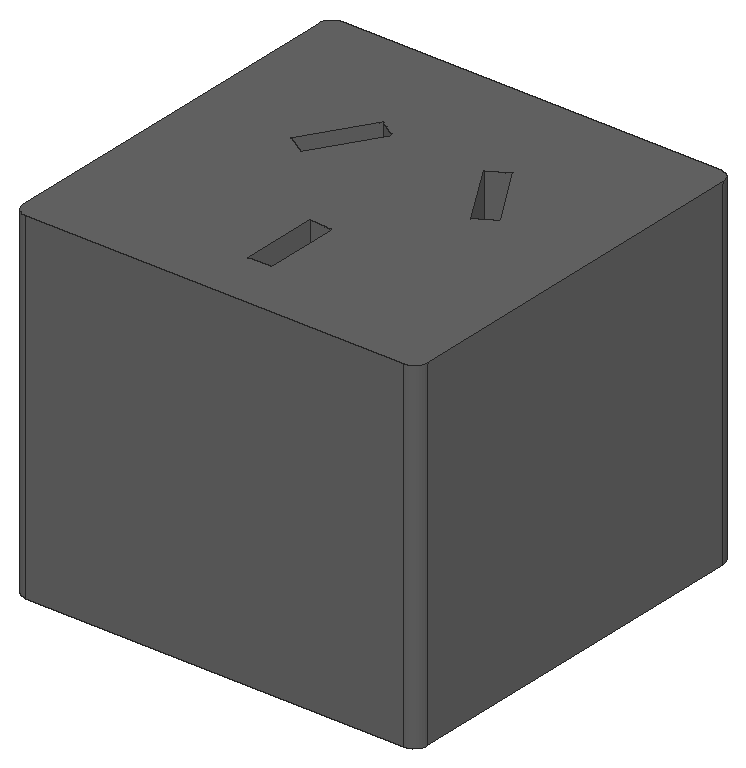
Revit family "Domotics-DomesticRanges-GEWISS-SYSTEM_POWER-SOCKET-OUTLET_AUS", category Apparecchi elettrici, host Superficie, Revit 2016
Family settings
  Host = Superficie
  Mantenere orientamento annotazione = Sì
  Tipo di parte = Normale
  Quota connettore circolare = Usa diametro
  Taglio con vuoti quando caricato = Sì
  Condiviso = Sì
  Punto di calcolo locali = Sì
Parameters (values of type "GW21357 - 10A 2P+E austr.socket-outlet black")
  Voltage: = "250 V ac"
  Voltage = "250 V ac"
  Volt = 230 V
  Vista in pianta [instance] = yes
  Version file RFA = "19.4"
  URL = "https://www.gewiss.com/ww/en"
  Technical sheet = "https://www.gewiss.com/ww/en/search?q=GW21357"
  TXT ELETTRICO = "10"
  TIPO_ = System Prese Australia_GENERICO : GW21357 Presa 2P+T 10A standard Australiano nero
  Standard: = "Australian"
  Standard = "Australian"
  Simbolo [instance] = yes
  SEO = "Socket outlet"
  Realized by GEWISS S.p.A. = ""
  Default Elevation = 1219.2 mm
  Produttore = "GEWISS S.p.A."
  Offset presa [instance] = 0 mm
  Offset bidimensionale [instance] = 39 mm
  No. SYSTEM modules = "2"
  N. poli = 1
  Modello = "GW21357"
  Immagine tipo = GW21357.jpg
  IFC.TypeObject = ""
  IFC.ExportType = ""
  IFC.ExportAs = ""
  IDT = "e052d7e5-2dfb-43db-bd48-dbccbcd1e75c"
  IDF = "1145ae5c-4ab5-4dba-b292-451ff308354a"
  For plug pins = "Flat"
  Electrocod = "0131"
  EAN code = "8011564222229"
  Distanza_x [instance] = 0 mm
  Distanza_effettiva_y [instance] = 100 mm
  Distanza_effettiva_x [instance] = 1000 mm - Distanza_x  # 1000 mm
  Distanza orizzontale del simbolo [instance] = 62.488 mm
  Distanza dal muro [instance] = 4.208 mm
  Descrizione = "10A 2P+E AUSTR.SOCKET-OUTLET SY/BK"
  Description: = "2P+E - 10A"
  Description. = "Australia"
  Colour = "Black"
  Catalogue Range = "SYSTEM - DOMESTIC RANGE"
  Catalogue = "DOMOTICS"
  Carico apparente = 0 VA
  COBie.Tagnumber = ""
  COBie.CreatedOn = ""
  COBie.CreatebBy = ""
  COBie.ComponentRegisterItemID = ""
  COBie.Component.TagNumber = ""
  COBie.Component.Space = ""
  COBie.Component.SerialNumber = ""
  COBie.Component.InstallationDate = ""
  COBie.Component.Description = ""
  COBie.Component.BarCode = ""
Types (4, lengths in mm): name | Technical sheet | TXT ELETTRICO | TIPO_ | Modello | Immagine tipo | IDT | EAN code | Descrizione | Description: | Colour
  GW20356 - 15A 2P+E austr.socket-outlet white | "https://www.gewiss.com/ww/en/search?q=GW20356" | "15" | System Prese Australia_GENERICO : GW20356 Presa 2P+T 15A standard Australiano bianco | "GW20356" | GW20356.jpg | "9939fc47-7083-4e4b-b21b-7468986c5058" | "8011564222250" | "15A 2P+E AUSTR.SOCKET-OUTLET SY/WT" | "2P+E - 15A" | "White"
  GW20357 - 10A 2P+E austr.socket-outlet white | "https://www.gewiss.com/ww/en/search?q=GW20357" | "10" | System Prese Australia_GENERICO : GW20357 Presa 2P+T 10A standard Australiano bianco | "GW20357" | GW20357.jpg | "e4d305f1-d357-4bfd-9065-a3a60ea9875f" | "8011564222236" | "10A 2P+E AUSTR.SOCKET-OUTLET SY/WT" | "2P+E - 10A" | "White"
  GW21356 - 15A 2P+E austr.socket-outlet black | "https://www.gewiss.com/ww/en/search?q=GW21356" | "15" | System Prese Australia_GENERICO : GW21356 Presa 2P+T 15A standard Australiano nero | "GW21356" | GW21356.jpg | "7115098a-7b94-4a09-af7d-bb29d66b03b9" | "8011564222267" | "15A 2P+E AUSTR.SOCKET-OUTLET SY/BK" | "2P+E - 15A" | "Black"
  GW21357 - 10A 2P+E austr.socket-outlet black | "https://www.gewiss.com/ww/en/search?q=GW21357" | "10" | System Prese Australia_GENERICO : GW21357 Presa 2P+T 10A standard Australiano nero | "GW21357" | GW21357.jpg | "e052d7e5-2dfb-43db-bd48-dbccbcd1e75c" | "8011564222229" | "10A 2P+E AUSTR.SOCKET-OUTLET SY/BK" | "2P+E - 10A" | "Black"
Reference planes
  plane 1 "Centro (Fronte/Retro)": y = 0
  plane 2: z = 0
  plane 3 "Centro (Sinistra/Destra)": x = 0
  plane 4: x = -1000
  plane 5: x = 0
  plane 6: y = 100
  plane 7: z = 0
  plane 8: z = 39
Lines and regions (mm)
  Masking region 1, visible <- "Vista in pianta"
    outline origin (0, 0, 0) x (0, 1, 0) y (0, 0, 1)
      loop
        line (-22.5, 39) -> (-22.5, 0) -> (22.5, 0) -> (22.5, 39) -> (-22.5, 39)
  Masking region 2, visible <- "Vista in pianta"
    outline origin (0, 0, 0) x (1, 0, 0) y (0, 1, 0)
      loop
        line (23, 22.5) -> (-23, 22.5) -> (-23, -22.5) -> (23, -22.5) -> (23, 22.5)
      loop
        line (-7.432, 10.625) -> (-11.985, 3.178) -> (-9.737, 1.803) -> (-5.184, 9.25) -> (-7.432, 10.625)
      loop
        line (7.39, 10.625) -> (5.142, 9.25) -> (9.695, 1.803) -> (11.943, 3.178) -> (7.39, 10.625)
      loop
        line (1.296, -7.4) -> (-1.339, -7.4) -> (-1.339, -16.128) -> (1.296, -16.128) -> (1.296, -7.4)
  Masking region 3, visible <- "Vista in pianta"
    outline origin (0, 0, 0) x (1, 0, 0) y (0, 0, 1)
      loop
        line (-23, 39) -> (-23, 0) -> (23, 0) -> (23, 39) -> (-23, 39)
  Masking region 4, visible <- "Vista in pianta"
    outline origin (0, 0, 0) x (0, 1, 0) y (0, 0, 1)
      loop
        line (-22.5, 39) -> (-22.5, 0) -> (22.5, 0) -> (22.5, 39) -> (-22.5, 39)
Dimensions and locks
  plane 4 to plane 3 "Centro (Sinistra/Destra)" = 1000 mm
  "Distanza_effettiva_x": plane 4 to plane 5
  "Distanza_effettiva_y": plane 6 to plane 1 "Centro (Fronte/Retro)"
  "Offset presa": plane 7 to host face
  "Offset bidimensionale": plane 8 to host face
  aligned and locked: plane 2 to host face
  aligned and locked: level to host face
  aligned and locked: plane 3 "Centro (Sinistra/Destra)" to nested 1
  aligned and locked: plane 1 "Centro (Fronte/Retro)" to nested 1
  aligned and locked: plane 5 to nested 2
  aligned and locked: nested 2 to plane 6
  aligned and locked: Masking region 1 sketch curve to nested 1  (x4)
  aligned and locked: Masking region 2 sketch curve to nested 1  (x4)
  aligned and locked: Masking region 3 sketch curve to nested 1  (x4)
  aligned and locked: nested 1 to plane 7
  aligned and locked: plane 8 to import instance
  aligned and locked: Masking region 4 sketch curve to nested 1  (x4)
Automatic sketch dimensions
  host sketch curve to host sketch curve = 2438.4 mm  (x2)
  Masking region 2 sketch curve to plane 3 "Centro (Sinistra/Destra)" = 7.432 mm
  Masking region 2 sketch curve to plane 1 "Centro (Fronte/Retro)" = 3.178 mm  (x2)
  Masking region 2 sketch curve to Masking region 2 sketch curve = 4.553 mm  (x2)
  Masking region 2 sketch curve to Masking region 2 sketch curve = 2.248 mm  (x2)
  Masking region 2 sketch curve to plane 1 "Centro (Fronte/Retro)" = 1.803 mm  (x2)
  plane 3 "Centro (Sinistra/Destra)" to Masking region 2 sketch curve = 5.142 mm
  plane 3 "Centro (Sinistra/Destra)" to Masking region 2 sketch curve = 1.296 mm
  plane 1 "Centro (Fronte/Retro)" to Masking region 2 sketch curve = 7.4 mm
  Masking region 2 sketch curve to plane 3 "Centro (Sinistra/Destra)" = 1.339 mm
  Masking region 2 sketch curve to Masking region 2 sketch curve = 8.729 mm
Nested families
  nested 1: "System Prese Australia_GENERICO" at (0, 0, 0), type <- "TIPO_", type "GW21357 Presa 2P+T 10A standard Australiano nero", detail levels medium+fine
  nested 2: "SIMBOLO PRESE" at (0, 100, 0), TESTO ELETTRICO <- "TXT ELETTRICO", Distanza dal muro <- "Distanza dal muro", SIMBOLO <- "Simbolo", visible <- "Simbolo", type "PRESA"
    with TESTO ELETTRICO "10", SIMBOLO yes, Distanza dal muro 4.208 mm, BORDO ACCESO yes
Connectors
  electrical at (0, 0, 0), driven by "N. poli", driven by "Volt", driven by "Carico apparente"
    settings: on nested 1, index 1, voltage 230 V, apparent load 0 VA, apparent load phase1 0 VA, apparent load phase2 0 VA, apparent load phase3 0 VA, power factor 1, load classification "Altro", number of poles 1, system type 31, power factor state 1, is connector primary yes, connector utility no, sub classification motor no, connector description ""
Definition of nested family "System Prese Australia_GENERICO"
  Parameters (values of type "GW21357 Presa 2P+T 10A standard Australiano nero")
    Profondità presa = 39 mm
    Finitura Prese Israele = none
    Altezza da Terra = 750 mm
  Types (4): name
    GW20356 Presa 2P+T 15A standard Australiano bianco
    GW21356 Presa 2P+T 15A standard Australiano nero
    GW21357 Presa 2P+T 10A standard Australiano nero
    GW20357 Presa 2P+T 10A standard Australiano bianco
  Reference planes
    plane 1 "Centro (Fronte/Retro)": y = 0
    plane 2: z = 0
    plane 3 "Centro (Sinistra/Destra)": x = 0
    plane 4: z = 39
  Forms (mm)
    Extrusion 1, solid, material <- "Finitura Prese Israele"
      sketch origin (-51.637, -807.976, 7.5) x (1, 0, 0) y (0, 1, 0)
        loop
          arc (30.137, 830.476) -> (29.077, 830.037) -> (28.637, 828.976) r 1.5
          line (28.637, 828.976) -> (28.637, 786.976)
          arc (28.637, 786.976) -> (29.077, 785.916) -> (30.137, 785.476) r 1.5
          line (30.137, 785.476) -> (73.137, 785.476)
          arc (73.137, 785.476) -> (74.198, 785.916) -> (74.637, 786.976) r 1.5
          line (74.637, 786.976) -> (74.637, 828.976)
          arc (74.637, 828.976) -> (74.198, 830.037) -> (73.137, 830.476) r 1.5
          line (73.137, 830.476) -> (30.137, 830.476)
      from 31.5 to -7.5
    Extrusion 2, void
      sketch origin (0, 0, 0) x (1, 0, 0) y (0, 1, 0)
        loop
          line (-7.432, 10.625) -> (-11.985, 3.178) -> (-9.737, 1.803) -> (-5.184, 9.25) -> (-7.432, 10.625)
        loop
          line (5.142, 9.25) -> (9.695, 1.803) -> (11.943, 3.178) -> (7.39, 10.625) -> (5.142, 9.25)
        loop
          line (1.296, -7.4) -> (-1.339, -7.4) -> (-1.339, -16.128) -> (1.296, -16.128) -> (1.296, -7.4)
      from 29 to 39
  Cuts and joins
    Extrusion 2 cuts Extrusion 1
  Dimensions and locks
    "Profondità presa": plane 4 to level
    aligned and locked: level to plane 2
    aligned and locked: plane 4 to cut or joined group of Extrusion 1, Extrusion 2
    aligned and locked: Extrusion 1 to Extrusion 2
  Automatic sketch dimensions
    Extrusion 1 sketch curve to plane 3 "Centro (Sinistra/Destra)" = 23 mm
    Extrusion 1 sketch curve to Extrusion 1 sketch curve = 1.5 mm  (x3)
    plane 3 "Centro (Sinistra/Destra)" to Extrusion 1 sketch curve = 21.5 mm  (x2)
    plane 1 "Centro (Fronte/Retro)" to Extrusion 1 sketch curve = 22.5 mm
    Extrusion 1 sketch curve to plane 1 "Centro (Fronte/Retro)" = 21 mm
    Extrusion 2 sketch curve to plane 3 "Centro (Sinistra/Destra)" = 7.432 mm
    Extrusion 2 sketch curve to plane 1 "Centro (Fronte/Retro)" = 3.178 mm  (x2)
    Extrusion 2 sketch curve to Extrusion 2 sketch curve = 4.553 mm  (x2)
    Extrusion 2 sketch curve to Extrusion 2 sketch curve = 2.248 mm  (x2)
    Extrusion 2 sketch curve to plane 1 "Centro (Fronte/Retro)" = 1.803 mm  (x2)
    plane 3 "Centro (Sinistra/Destra)" to Extrusion 2 sketch curve = 5.142 mm
    plane 3 "Centro (Sinistra/Destra)" to Extrusion 2 sketch curve = 1.296 mm
    plane 1 "Centro (Fronte/Retro)" to Extrusion 2 sketch curve = 7.4 mm
    Extrusion 2 sketch curve to plane 3 "Centro (Sinistra/Destra)" = 1.339 mm
    Extrusion 2 sketch curve to Extrusion 2 sketch curve = 8.729 mm
Definition of nested family "SIMBOLO PRESE"
  Parameters (values of type "PRESA")
    TESTO ELETTRICO [instance] = "TXT"
    Simbolo = SIMBOLO PRESE_BASE : PRESA
    SIMBOLO [instance] = yes
    Distanza dal muro [instance] = 4.208 mm
    BORDO ACCESO [instance] = yes
  Reference planes
    plane 1: y = 0
    plane 2: x = 0
  Dimensions and locks
    aligned and locked: plane 1 to nested 1
    aligned and locked: plane 2 to nested 1
  Nested families
    nested 1: "SIMBOLO PRESE_BASE" at (0, 0, 0), type <- "Simbolo", TESTO ELETTRICO <- "TESTO ELETTRICO", BORDO ACCESO <- "BORDO ACCESO", visible <- "SIMBOLO", type "PRESA"
      with TESTO ELETTRICO "TXT", BORDO ACCESO yes
  Definition of nested family "SIMBOLO PRESE_BASE"
    Parameters (values of type "PRESA")
      TESTO ELETTRICO [instance] = "TXT"
      Distanza dal muro = 4.208 mm
      BORDO ACCESO [instance] = yes
    Reference planes
      plane 1: y = 0
      plane 2: x = 0
    Lines and regions (mm)
      detail lines, visible <- "BORDO ACCESO", not visible
        curve 1: line (-1.743, 9.208, 0) -> (2.057, 9.208, 0)
        curve 2: line (2.057, 9.208, 0) -> (2.057, 4.208, 0)
        curve 3: line (2.057, 4.208, 0) -> (-1.743, 4.208, 0)
        curve 4: line (-1.743, 4.208, 0) -> (-1.743, 9.208, 0)
        curve 5: line (-1.543, 9.008, 0) -> (1.857, 9.008, 0)
        curve 6: line (1.857, 9.008, 0) -> (1.857, 4.408, 0)
        curve 7: line (1.857, 4.408, 0) -> (-1.543, 4.408, 0)
        curve 8: line (-1.543, 4.408, 0) -> (-1.543, 9.008, 0)
      detail lines
        curve 9: line (0.783, 1.133, 0) -> (-0.783, 1.133, 0)
        curve 10: line (0, 1.133, 0) -> (0, 0.349, 0)
        curve 11: arc (-0.783, 1.916, 0) -> (0, 1.133, 0) -> (0.783, 1.916, 0) r 0.783
    Text (mm)
      label "TXT" at (0.016, 1.578, 0), shows "TESTO ELETTRICO"
